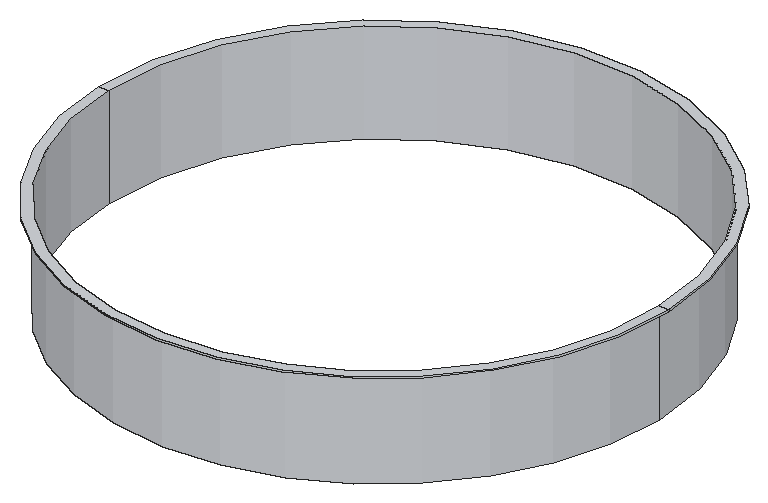
Revit family
Parameters (values of type "DW30DWRISER-3")
  WALLTHICK = 9/256"  # constant formula
  Model = "DW30DWRISER-3"
  Manufacturer = "CaptiveAire"
  FLANGETHICK = 1/16"
  FLANGERAD = (FLANGEDIA / 2)  # 15 1/2"
  FLANGEDIA = DUCTDIA + 1"  # 31"
  Description = "30\" Double Riser Cover"
  DUCTRAD = (DUCTDIA / 2)  # 15"
  DUCTINSIDERAD = DUCTRAD - WALLTHICK  # 14 247/256"
  DUCTHEIGHT = 5 1/2"  # constant formula
  DUCTDIA = 30"
Types (15): name | Model | FLANGERAD | FLANGEDIA | Description | DUCTRAD | DUCTINSIDERAD | DUCTDIA
  (no name) | "DW30DWRISER-3" | 15 1/2" | 31" | "30\" Double Riser Cover" | 15" | 14 247/256" | 30"
  DW12DWRISER-2 | "DW12DWRISER-2" | 6 1/2" | 13" | "12\" Double Riser Cover" | 6" | 5 247/256" | 12"
  DW14DWRISER-2 | "DW14DWRISER-2" | 7 1/2" | 15" | "14\" Double Riser Cover" | 7" | 6 247/256" | 14"
  DW16DWRISER-2 | "DW16DWRISER-2" | 8 1/2" | 17" | "16\" Double Riser Cover" | 8" | 7 247/256" | 16"
  DW18DWRISER-2 | "DW18DWRISER-2" | 9 1/2" | 19" | "18\" Double Riser Cover" | 9" | 8 247/256" | 18"
  DW20DWRISER-2 | "DW20DWRISER-2" | 10 1/2" | 21" | "20\" Double Riser Cover" | 10" | 9 247/256" | 20"
  DW12DWRISER-3 | "DW12DWRISER-3" | 6 1/2" | 13" | "12\" Double Riser Cover" | 6" | 5 247/256" | 12"
  DW14DWRISER-3 | "DW14DWRISER-3" | 7 1/2" | 15" | "14\" Double Riser Cover" | 7" | 6 247/256" | 14"
  DW16DWRISER-3 | "DW16DWRISER-3" | 8 1/2" | 17" | "16\" Double Riser Cover" | 8" | 7 247/256" | 16"
  DW18DWRISER-3 | "DW18DWRISER-3" | 9 1/2" | 19" | "18\" Double Riser Cover" | 9" | 8 247/256" | 18"
  DW20DWRISER-3 | "DW20DWRISER-3" | 10 1/2" | 21" | "20\" Double Riser Cover" | 10" | 9 247/256" | 20"
  DW22DWRISER-3 | "DW22DWRISER-3" | 11 1/2" | 23" | "22\" Double Riser Cover" | 11" | 10 247/256" | 22"
  DW24DWRISER-3 | "DW24DWRISER-3" | 12 1/2" | 25" | "24\" Double Riser Cover" | 12" | 11 247/256" | 24"
  DW26DWRISER-3 | "DW26DWRISER-3" | 13 1/2" | 27" | "26\" Double Riser Cover" | 13" | 12 247/256" | 26"
  DW30DWRISER-3 | "DW30DWRISER-3" | 15 1/2" | 31" | "30\" Double Riser Cover" | 15" | 14 247/256" | 30"
Reference planes (in)
  plane 1 "Center (Front/Back)": y = 0
  plane 2: z = 0
  plane 3 "Center (Left/Right)": x = -6.88877
  plane 4: z = 5.5
  plane 5: x = 8.11123
  plane 6: x = -22.38877
  plane 7: x = -21.88877
  plane 8: x = 8.61123
  plane 9: x = 8.07607
  plane 10: z = 5.4375
  plane 11: x = -21.85362
Forms (in)
  Revolve 1, solid
    sketch origin (0, 0, 0) x (1, 0, 0) y (0, 0, 1)
      loop
        line (-21.85362, 5.5) -> (-22.38877, 5.5) -> (-22.38877, 5.4375) -> (-21.88877, 5.4375) -> (-21.88877, 0) -> (-21.85362, 0) -> (-21.85362, 5.5)
      axis (-6.88877, 5.5) -> (-6.88877, 0)
    angle from 0 to 360
Dimensions and locks (in)
  "DUCTHEIGHT": level to plane 4
  equal spacing: plane 5, plane 3 "Center (Left/Right)", plane 7
  "FLANGEDIA": plane 8 to plane 6
  "DUCTDIA": plane 7 to plane 5
  "FLANGERAD": plane 3 "Center (Left/Right)" to plane 6
  "WALLTHICK": plane 9 to plane 5
  "WALLTHICK": plane 11 to plane 7
  "FLANGETHICK": plane 10 to plane 4
  aligned and locked: level to Revolve 1 sketch curve
  aligned and locked: Revolve 1 sketch curve to plane 10
  aligned and locked: Revolve 1 sketch curve to plane 4
  aligned and locked: plane 7 to Revolve 1 sketch curve
  aligned and locked: Revolve 1 sketch curve to plane 11
Automatic sketch dimensions
  plane 3 "Center (Left/Right)" to Revolve 1 sketch curve = 0"
  Revolve 1 sketch curve to level = 0.84677"
  plane 4 to Revolve 1 sketch curve = 0.5131"
  Revolve 1 sketch curve to plane 6 = 0"
